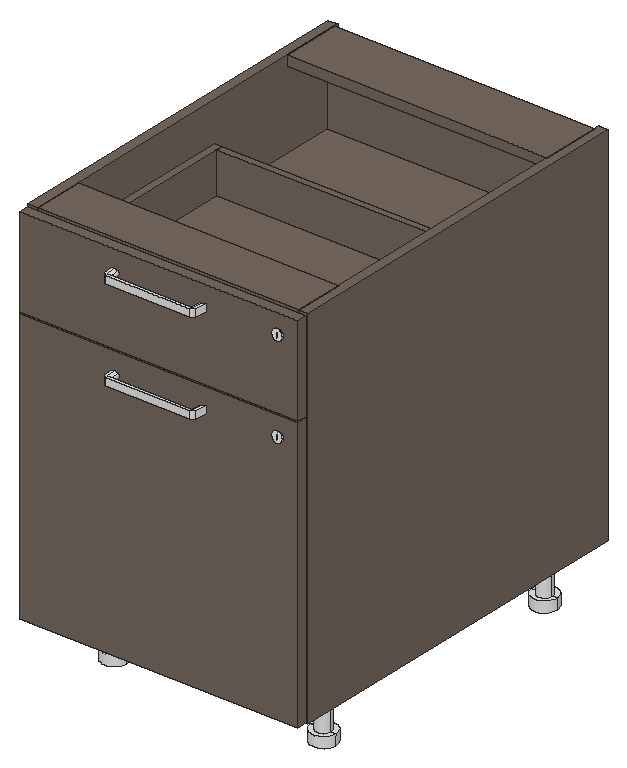
Revit family "Base_Cabinets-Teknion-CEBDS_Base_Cabinet_Door(s)_And_Drawer(s)-R2022", category Furniture, Revit 2023 (continued)
Lines and regions (in)
  symbolic lines, style "FurnitureHiddenLines", visible <- "Standard Drawer", detail levels medium+fine
    curve 30: line (11.67717, -28.16142, 0) -> (11.67717, -24.38189, 0)
    curve 31: line (11.24016, -24.38189, 0) -> (11.24016, -23.16142, 0)
    curve 36: line (30.32283, -28.16142, 0) -> (30.32283, -24.38189, 0)
    curve 37: line (30.75984, -23.05142, 0) -> (30.75984, -24.38189, 0)
  symbolic lines, style "FurnitureHiddenLines", visible <- "Standard Drawer - Center", detail levels medium+fine
    curve 32: line (19.82283, -24.38189, 0) -> (19.82283, -28.16142, 0)
    curve 33: line (20.25984, -28.05142, 0) -> (20.25984, -24.38189, 0)
    curve 34: line (21.74016, -24.38189, 0) -> (21.74016, -28.16142, 0)
    curve 35: line (22.17717, -28.16142, 0) -> (22.17717, -24.38189, 0)
  symbolic lines, style "FurnitureHiddenLines", visible <- "One Drawer", detail levels medium+fine
    curve 49: line (11.72, -28.16142, 0) -> (11.72, -24.38189, 0)
    curve 50: line (12.24, -28.29921, 0) -> (12.24, -24.38189, 0)
    curve 51: line (29.76, -27.77921, 0) -> (12.24, -27.77921, 0)
    curve 52: line (29.76, -24.38189, 0) -> (29.76, -28.29921, 0)
    curve 53: line (30.28, -24.38189, 0) -> (30.28, -28.16142, 0)
  symbolic lines, style "FurnitureHiddenLines", visible <- "2D - Two Doors", detail levels medium+fine
    curve 54: line (20.94094, -29, 0) -> (20.94094, -28.29921, 0)
    curve 55: line (21.05906, -28.29921, 0) -> (21.05906, -29, 0)
  symbolic lines, style "FurnitureHiddenLines", detail levels fine
    curve 56: arc (14.08287, -2.59843, 0) -> (13.14567, -1.66122, 0) -> (12.20846, -2.59843, 0) r 0.9372
    curve 57: arc (12.20846, -2.59843, 0) -> (13.14567, -3.53563, 0) -> (14.08287, -2.59843, 0) r 0.9372
    curve 58: arc (13.69685, -2.59843, 0) -> (13.14567, -2.04724, 0) -> (12.59449, -2.59843, 0) r 0.55118
    curve 59: arc (12.59449, -2.59843, 0) -> (13.14567, -3.14961, 0) -> (13.69685, -2.59843, 0) r 0.55118
    curve 60: arc (29.79154, -2.59843, 0) -> (28.85433, -1.66122, 0) -> (27.91713, -2.59843, 0) r 0.9372
    curve 61: arc (27.91713, -2.59843, 0) -> (28.85433, -3.53563, 0) -> (29.79154, -2.59843, 0) r 0.9372
    curve 62: arc (29.40551, -2.59843, 0) -> (28.85433, -2.04724, 0) -> (28.30315, -2.59843, 0) r 0.55118
    curve 63: arc (28.30315, -2.59843, 0) -> (28.85433, -3.14961, 0) -> (29.40551, -2.59843, 0) r 0.55118
    curve 64: arc (29.79154, -23.35433, 0) -> (28.85433, -22.41713, 0) -> (27.91713, -23.35433, 0) r 0.9372
    curve 65: arc (27.91713, -23.35433, 0) -> (28.85433, -24.29154, 0) -> (29.79154, -23.35433, 0) r 0.9372
    curve 66: arc (29.40551, -23.35433, 0) -> (28.85433, -22.80315, 0) -> (28.30315, -23.35433, 0) r 0.55118
    curve 67: arc (28.30315, -23.35433, 0) -> (28.85433, -23.90551, 0) -> (29.40551, -23.35433, 0) r 0.55118
    curve 68: arc (14.08287, -23.35433, 0) -> (13.14567, -22.41713, 0) -> (12.20846, -23.35433, 0) r 0.9372
    curve 69: arc (13.69685, -23.35433, 0) -> (13.14567, -22.80315, 0) -> (12.59449, -23.35433, 0) r 0.55118
    curve 70: arc (12.59449, -23.35433, 0) -> (13.14567, -23.90551, 0) -> (13.69685, -23.35433, 0) r 0.55118
    curve 71: arc (12.20846, -23.35433, 0) -> (13.14567, -24.29154, 0) -> (14.08287, -23.35433, 0) r 0.9372
  symbolic lines, visible <- "2D - Two Drawers - 29D"
    curve 82: line (11.72, -12.944, 0) -> (11.72, -12.157, 0)
    curve 83: line (11.72, -12.157, 0) -> (19.78, -12.157, 0)
    curve 84: line (19.78, -12.157, 0) -> (19.78, -12.944, 0)
    curve 85: line (12.24, -12.157, 0) -> (12.24, -12.944, 0)
    curve 86: line (19.26, -12.157, 0) -> (19.26, -12.944, 0)
    curve 87: line (12.24, -12.677, 0) -> (19.26, -12.677, 0)
    curve 88: line (22.22, -12.944, 0) -> (22.22, -12.157, 0)
    curve 89: line (22.22, -12.157, 0) -> (30.28, -12.157, 0)
    curve 90: line (30.28, -12.157, 0) -> (30.28, -12.944, 0)
    curve 91: line (29.76, -12.157, 0) -> (29.76, -12.944, 0)
    curve 92: line (22.74, -12.157, 0) -> (22.74, -12.944, 0)
    curve 93: line (22.74, -12.677, 0) -> (29.76, -12.677, 0)
  symbolic lines, style "FurnitureHiddenLines", visible <- "2D - Two Drawers - 24D", detail levels medium+fine
    curve 94: line (30.28, -12.944, 0) -> (30.28, -12.157, 0)
    curve 95: line (30.28, -12.157, 0) -> (22.22, -12.157, 0)
    curve 96: line (22.22, -12.157, 0) -> (22.22, -12.944, 0)
    curve 97: line (29.76, -12.157, 0) -> (29.76, -12.944, 0)
    curve 98: line (22.74, -12.157, 0) -> (22.74, -12.944, 0)
    curve 99: line (29.76, -12.677, 0) -> (22.74, -12.677, 0)
    curve 100: line (11.72, -12.944, 0) -> (11.72, -12.157, 0)
    curve 101: line (11.72, -12.157, 0) -> (19.78, -12.157, 0)
    curve 102: line (19.78, -12.157, 0) -> (19.78, -12.944, 0)
    curve 103: line (12.24, -12.157, 0) -> (12.24, -12.944, 0)
    curve 104: line (19.26, -12.157, 0) -> (19.26, -12.944, 0)
    curve 105: line (12.24, -12.677, 0) -> (19.26, -12.677, 0)
  symbolic lines, visible <- "One Drawer"
    curve 106: line (11.72, -12.944, 0) -> (11.72, -24.38189, 0)
    curve 107: line (12.24, -24.38189, 0) -> (12.24, -12.944, 0)
    curve 108: line (29.76, -12.944, 0) -> (29.76, -24.38189, 0)
    curve 109: line (30.28, -24.38189, 0) -> (30.28, -12.944, 0)
  symbolic lines, visible <- "2D - One Drawer - 29D"
    curve 110: line (11.72, -12.944, 0) -> (11.72, -12.157, 0)
    curve 111: line (11.72, -12.157, 0) -> (30.28, -12.157, 0)
    curve 112: line (30.28, -12.157, 0) -> (30.28, -12.944, 0)
    curve 113: line (12.24, -12.157, 0) -> (12.24, -12.944, 0)
    curve 114: line (29.76, -12.157, 0) -> (29.76, -12.944, 0)
    curve 115: line (12.24, -12.677, 0) -> (29.76, -12.677, 0)
  symbolic lines, style "FurnitureHiddenLines", visible <- "2D - One Drawer - 24D", detail levels medium+fine
    curve 116: line (11.72, -12.944, 0) -> (11.72, -12.157, 0)
    curve 117: line (11.72, -12.157, 0) -> (30.28, -12.157, 0)
    curve 118: line (30.28, -12.157, 0) -> (30.28, -12.944, 0)
    curve 119: line (12.24, -12.157, 0) -> (12.24, -12.944, 0)
    curve 120: line (29.76, -12.157, 0) -> (29.76, -12.944, 0)
    curve 121: line (12.24, -12.677, 0) -> (29.76, -12.677, 0)
  symbolic lines, style "FurnitureHiddenLines", visible <- "Lock - 1 Door - R", detail levels fine
    curve 122: line (12.02559, -29.05906, 0) -> (12.02559, -29, 0)
    curve 123: line (12.12402, -29, 0) -> (12.12402, -29.05906, 0)
  symbolic lines, style "FurnitureHiddenLines", visible <- "MR - Lock - 2 Doors / 2 Drawers", detail levels fine
    curve 124: line (19.37598, -29.05906, 0) -> (19.37598, -29, 0)
    curve 125: line (19.47441, -29, 0) -> (19.47441, -29.05906, 0)
  symbolic lines, style "FurnitureHiddenLines", visible <- "Lock - 1 Door - L", detail levels fine
    curve 126: line (29.87598, -29.05906, 0) -> (29.87598, -29, 0)
    curve 127: line (29.97441, -29, 0) -> (29.97441, -29.05906, 0)
  symbolic lines, style "FurnitureHiddenLines", visible <- "Lock - 1 Drawer", detail levels fine
    curve 128: line (29.87598, -29.05906, 0) -> (29.87598, -29, 0)
    curve 129: line (29.97441, -29, 0) -> (29.97441, -29.05906, 0)
  symbolic lines, style "FurnitureHiddenLines", visible <- "Undermount", detail levels medium+fine
    curve 130: line (13.39764, -28.16142, 0) -> (13.39764, -11.68504, 0)
    curve 131: line (11.89764, -11.68504, 0) -> (13.39764, -11.68504, 0)
    curve 132: line (28.60236, -11.68504, 0) -> (30.10236, -11.68504, 0)
    curve 133: line (28.60236, -11.68504, 0) -> (28.60236, -28.16142, 0)
    curve 134: line (30.10236, -28.16142, 0) -> (30.10236, -11.68504, 0)
    curve 135: line (11.89764, -11.68504, 0) -> (11.89764, -28.16142, 0)
Dimensions and locks (in)
  "Width": plane 4 "Left" to plane 5 "Right"
  "Depth": plane 6 "Back" to plane 7 "Front"
  "Actual Height": plane 8 "Top" to level
  equal spacing: plane 6 "Back", plane 1 "Center Front/Back", plane 7 "Front"
  equal spacing: plane 4 "Left", plane 3 "Center Left/Right", plane 5 "Right"
  "Dim 5": plane 10 to plane 3 "Center Left/Right"
  "Dim 5": plane 3 "Center Left/Right" to plane 9
  locked: plane 11 to plane 2 at 4.13386
  locked: plane 4 "Left" to Sweep 1 sketch curve at 0.70079
  locked: plane 7 "Front" to Sweep 1 sketch curve at 0.83858
  locked: Sweep 2 sketch curve to plane 5 "Right" at 0.70079
  locked: plane 7 "Front" to Sweep 2 sketch curve at 0.83858
  locked: plane 4 "Left" to Sweep 3 sketch curve at 0.70079
  locked: Sweep 3 sketch curve to plane 5 "Right" at 0.70079
  Sweep 3 sketch curve to Sweep 3 sketch curve to plane 6 "Back" = 4.48031" locked, 0.31496" locked
  plane 7 "Front" to Sweep 3 sketch curve to Sweep 3 sketch curve = 0.83858" locked, 3.77953" locked
  locked: plane 8 "Top" to Sweep 3 sketch curve at 0.70079  (x2)
  locked: Sweep 4 sketch curve to plane 5 "Right" at 0.70079
  locked: plane 4 "Left" to Sweep 4 sketch curve at 0.70079
  Sweep 4 sketch curve to Sweep 4 sketch curve to plane 6 "Back" = 0.70079" locked, 0.31496" locked
  locked: plane 8 "Top" to Sweep 4 sketch curve at 0.70079
  locked: plane 7 "Front" to Sweep 5 sketch curve at 0.70079
  locked: Sweep 5 sketch curve to plane 11 at 0.11811
  locked: Sweep 5 sketch curve to plane 4 "Left" at 0.05906
  locked: Sweep 5 sketch curve to plane 5 "Right" at 0.05906
  "Dim 2": plane 8 "Top" to Sweep 5 sketch curve
  Sweep 6 sketch curve to Sweep 6 sketch curve to plane 2 = 0.531" locked, 22.91733" locked
  Sweep 6 sketch curve to Sweep 6 sketch curve to Sweep 6 sketch curve to Sweep 6 sketch curve to Sweep 6 sketch curve to plane 10 to Sweep 6 sketch curve to Sweep 6 sketch curve to Sweep 6 sketch curve to Sweep 6 sketch curve to Sweep 6 sketch curve = 0.09873" locked, 0.03907" locked, 0.12564" locked, 0.08343" locked, 3.14821" locked, 3.14821" locked, 0.08343" locked, 0.12564" locked, 0.03907" locked, 0.09873" locked
  plane 7 "Front" to Sweep 6 sketch curve to Sweep 6 sketch curve = 0.7874" locked, 0.23622" locked  (x2)
  Sweep 6 sketch curve to Sweep 6 sketch curve to Sweep 6 sketch curve to Sweep 6 sketch curve to Sweep 6 sketch curve to plane 9 to Sweep 6 sketch curve to Sweep 6 sketch curve to Sweep 6 sketch curve to Sweep 6 sketch curve to Sweep 6 sketch curve = 0.09873" locked, 0.03907" locked, 0.12564" locked, 0.08343" locked, 3.14821" locked, 3.14821" locked, 0.08343" locked, 0.12564" locked, 0.03907" locked, 0.09873" locked
  Sweep 7 sketch curve to Sweep 7 sketch curve to plane 2 = 12.43701" locked, 22.56299" locked
  Sweep 7 sketch curve to plane 10 to Sweep 7 sketch curve = 3.55845" locked, 3.55845" locked
  Sweep 7 sketch curve to plane 9 to Sweep 7 sketch curve = 3.55845" locked, 3.55845" locked
  Sweep 7 sketch curve to Sweep 7 sketch curve to plane 7 "Front" to Sweep 7 sketch curve = 0.500" locked, 0.7874" locked, 0.59375" locked
  plane 10 to Sweep 8 sketch curve to Sweep 8 sketch curve = 3.17469" locked, 0.25392" locked
  Sweep 8 sketch curve to plane 7 "Front" to Sweep 8 sketch curve = 0.44698" locked, 1.14439" locked
  plane 9 to Sweep 9 sketch curve to Sweep 9 sketch curve = 3.17469" locked, 0.25392" locked
  Sweep 9 sketch curve to plane 7 "Front" to Sweep 9 sketch curve = 0.44698" locked, 1.14439" locked
  plane 9 to Sweep 10 sketch curve to Sweep 10 sketch curve = 3.17469" locked, 0.25392" locked
  Sweep 10 sketch curve to plane 7 "Front" to Sweep 10 sketch curve = 1.14439" locked, 0.44698" locked
  plane 10 to Sweep 11 sketch curve to Sweep 11 sketch curve = 3.17469" locked, 0.25392" locked
  Sweep 11 sketch curve to plane 7 "Front" to Sweep 11 sketch curve = 1.14439" locked, 0.44698" locked
  locked: Sweep 4 sketch curve to plane 11 at 1.01575
  locked: Sweep 12 sketch curve to plane 11 at 1.01575
  locked: plane 4 "Left" to Sweep 12 sketch curve at 0.70079
  locked: Sweep 12 sketch curve to plane 5 "Right" at 0.70079
  locked: plane 6 "Back" to Sweep 12 sketch curve at 0.31496
  locked: plane 7 "Front" to Sweep 12 sketch curve at 0.83858
  locked: Sweep 13 sketch curve to plane 7 "Front" at 0.05906
  plane 3 "Center Left/Right" to Sweep 13 sketch curve to Sweep 13 sketch curve to Sweep 13 sketch curve = 1.52559" locked, 0.04921" locked, 0.04921" locked
  Sweep 13 sketch curve to Sweep 13 sketch curve to Sweep 13 sketch curve = 0.18701" locked, 0.18701" locked
  Sweep 14 sketch curve to Sweep 14 sketch curve to plane 2 = 0.531" locked, 25.35483" locked
  Sweep 14 sketch curve to Sweep 14 sketch curve to Sweep 14 sketch curve to Sweep 14 sketch curve to plane 9 to Sweep 14 sketch curve to Sweep 14 sketch curve to Sweep 14 sketch curve to Sweep 14 sketch curve = 0.1378" locked, 0.12564" locked, 0.08343" locked, 3.14821" locked, 3.14821" locked, 0.08343" locked, 0.12564" locked, 0.1378" locked
  Sweep 14 sketch curve to Sweep 14 sketch curve to Sweep 14 sketch curve to Sweep 14 sketch curve to Sweep 14 sketch curve to Sweep 14 sketch curve to plane 7 "Front" = 0.21953" locked, 0.000" locked, 0.01669" locked, 0.01378" locked, 0.000" locked, 0.77362" locked  (x2)
  Sweep 14 sketch curve to Sweep 14 sketch curve to Sweep 14 sketch curve to Sweep 14 sketch curve to plane 10 to Sweep 14 sketch curve to Sweep 14 sketch curve to Sweep 14 sketch curve to Sweep 14 sketch curve = 0.1378" locked, 0.12564" locked, 0.08343" locked, 3.14821" locked, 3.14821" locked, 0.08343" locked, 0.12564" locked, 0.1378" locked
  plane 10 to Sweep 15 sketch curve to Sweep 15 sketch curve = 3.17469" locked, 0.25392" locked
  Sweep 15 sketch curve to plane 7 "Front" to Sweep 15 sketch curve = 1.14439" locked, 0.44698" locked
  Sweep 15 sketch curve to Sweep 15 sketch curve to Sweep 15 sketch curve to Sweep 15 sketch curve to Sweep 15 sketch curve to plane 10 = 0.03625" locked, 0.001" locked, 0.23103" locked, 0.000" locked, 3.03336" locked
  Sweep 15 sketch curve to Sweep 15 sketch curve to Sweep 15 sketch curve to Sweep 15 sketch curve to Sweep 15 sketch curve to plane 2 = 0.11466" locked, 0.15109" locked, 0.15109" locked, 0.11416" locked, 25.35483" locked
  Sweep 11 sketch curve to Sweep 11 sketch curve to Sweep 11 sketch curve to Sweep 11 sketch curve to Sweep 11 sketch curve to plane 10 = 0.03625" locked, 0.001" locked, 0.23103" locked, 0.000" locked, 3.03336" locked
  Sweep 11 sketch curve to Sweep 11 sketch curve to Sweep 11 sketch curve to Sweep 11 sketch curve to Sweep 11 sketch curve to plane 2 = 0.11466" locked, 0.15109" locked, 0.15109" locked, 0.11416" locked, 22.91733" locked
  plane 10 to Sweep 8 sketch curve to Sweep 8 sketch curve to Sweep 8 sketch curve to Sweep 8 sketch curve to Sweep 8 sketch curve = 3.02997" locked, 0.000" locked, 0.23395" locked, 0.000" locked, 0.03773" locked
  Sweep 8 sketch curve to Sweep 8 sketch curve to Sweep 8 sketch curve to Sweep 8 sketch curve to Sweep 8 sketch curve to plane 2 = 0.11416" locked, 0.15134" locked, 0.15134" locked, 0.11416" locked, 22.91733" locked
  Sweep 16 sketch curve to Sweep 16 sketch curve to plane 10 = 0.25392" locked, 3.17469" locked
  Sweep 16 sketch curve to plane 7 "Front" to Sweep 16 sketch curve = 1.14439" locked, 0.44698" locked
  Sweep 16 sketch curve to Sweep 16 sketch curve to Sweep 16 sketch curve to Sweep 16 sketch curve to Sweep 16 sketch curve to plane 10 = 0.03773" locked, 0.000" locked, 0.23395" locked, 0.000" locked, 3.02997" locked
  Sweep 16 sketch curve to Sweep 16 sketch curve to Sweep 16 sketch curve to Sweep 16 sketch curve to Sweep 16 sketch curve to plane 2 = 0.11416" locked, 0.15134" locked, 0.15134" locked, 0.11416" locked, 25.35483" locked
  Sweep 17 sketch curve to Sweep 17 sketch curve to plane 9 = 0.25392" locked, 3.17469" locked
  Sweep 17 sketch curve to plane 7 "Front" to Sweep 17 sketch curve = 1.14439" locked, 0.44698" locked
  Sweep 17 sketch curve to Sweep 17 sketch curve to Sweep 17 sketch curve to Sweep 17 sketch curve to Sweep 17 sketch curve to plane 2 = 0.11466" locked, 0.15109" locked, 0.15109" locked, 0.11416" locked, 25.35483" locked
  Sweep 17 sketch curve to Sweep 17 sketch curve to Sweep 17 sketch curve to Sweep 17 sketch curve to Sweep 17 sketch curve to plane 9 = 0.03671" locked, 0.00102" locked, 0.23395" locked, 0.000" locked, 3.02997" locked
  Sweep 10 sketch curve to Sweep 10 sketch curve to Sweep 10 sketch curve to Sweep 10 sketch curve to Sweep 10 sketch curve to plane 9 = 0.03671" locked, 0.00102" locked, 0.23395" locked, 0.000" locked, 3.02997" locked
  Sweep 10 sketch curve to Sweep 10 sketch curve to Sweep 10 sketch curve to Sweep 10 sketch curve to Sweep 10 sketch curve to plane 2 = 0.11466" locked, 0.15109" locked, 0.15109" locked, 0.11416" locked, 22.91733" locked
  plane 9 to Sweep 9 sketch curve to Sweep 9 sketch curve to Sweep 9 sketch curve to Sweep 9 sketch curve to Sweep 9 sketch curve = 3.02997" locked, 0.000" locked, 0.23395" locked, 0.000" locked, 0.03773" locked
  Sweep 9 sketch curve to Sweep 9 sketch curve to Sweep 9 sketch curve to Sweep 9 sketch curve to Sweep 9 sketch curve to plane 2 = 0.11416" locked, 0.15134" locked, 0.15134" locked, 0.11416" locked, 22.91733" locked
  plane 9 to Sweep 18 sketch curve to Sweep 18 sketch curve = 3.17469" locked, 0.25392" locked
  Sweep 18 sketch curve to plane 7 "Front" to Sweep 18 sketch curve = 1.14439" locked, 0.44698" locked
  Sweep 18 sketch curve to Sweep 18 sketch curve to Sweep 18 sketch curve to Sweep 18 sketch curve to Sweep 18 sketch curve to plane 9 = 0.03773" locked, 0.000" locked, 0.23395" locked, 0.000" locked, 3.02997" locked
  Sweep 18 sketch curve to Sweep 18 sketch curve to Sweep 18 sketch curve to Sweep 18 sketch curve to Sweep 18 sketch curve to plane 2 = 0.11416" locked, 0.15134" locked, 0.15134" locked, 0.11416" locked, 25.35483" locked
  locked: plane 13 "Foot 1" to plane 7 "Front" at 5.64567
  locked: plane 6 "Back" to plane 12 "Foot 2" at 2.59843
  Revolve 22 sketch curve to Revolve 22 sketch curve to Revolve 22 sketch curve to Revolve 22 sketch curve to plane 4 "Left" = 0.55118" locked, 0.38602" locked, 0.00571" locked, 1.70276" locked
  locked: plane 11 to Revolve 22 sketch curve at 1.02362
  locked: Revolve 22 sketch curve to plane 2 at 0.7874
  locked: plane 4 "Left" to Revolve 22 sketch curve at 2.64567
  locked: Revolve 19 sketch curve to plane 2 at 0.7874
  locked: plane 11 to Revolve 19 sketch curve at 1.02362
  Revolve 19 sketch curve to Revolve 19 sketch curve to Revolve 19 sketch curve to Revolve 19 sketch curve to plane 4 "Left" = 0.55118" locked, 0.38602" locked, 0.00571" locked, 1.70276" locked
  locked: plane 4 "Left" to Revolve 19 sketch curve at 2.64567
  plane 5 "Right" to Revolve 20 sketch curve to Revolve 20 sketch curve to Revolve 20 sketch curve to Revolve 20 sketch curve = 2.64567" locked, 0.55118" locked, 0.38602" locked, 0.00571" locked
  locked: plane 11 to Revolve 20 sketch curve at 1.02362
  locked: Revolve 20 sketch curve to plane 2 at 0.7874
  locked: Revolve 20 sketch curve to plane 5 "Right" at 2.64567
  Revolve 21 sketch curve to Revolve 21 sketch curve to Revolve 21 sketch curve to Revolve 21 sketch curve to plane 5 "Right" = 0.00571" locked, 0.38602" locked, 0.55118" locked, 2.64567" locked
  locked: Revolve 21 sketch curve to plane 2 at 0.7874
  locked: plane 11 to Revolve 21 sketch curve at 1.02362
  locked: Revolve 21 sketch curve to plane 5 "Right" at 2.64567
  locked: plane 7 "Front" to Sweep 23 sketch curve at 0.70079
  "Dim 1": Sweep 23 sketch curve to Sweep 23 sketch curve
  locked: plane 8 "Top" to Sweep 23 sketch curve at 0.11811
  locked: Sweep 23 sketch curve to plane 4 "Left" at 0.05906
  locked: Sweep 23 sketch curve to plane 5 "Right" at 0.05906
  locked: plane 4 "Left" to Sweep 24 sketch curve at 0.70079
  locked: Sweep 24 sketch curve to plane 5 "Right" at 0.70079
  locked: Sweep 24 sketch curve to Sweep 24 sketch curve at 0.70079
  "Dim 3": plane 8 "Top" to Sweep 24 sketch curve
  "Dim 4": plane 8 "Top" to Sweep 13 sketch curve
  locked: Sweep 24 sketch curve to plane 6 "Back" at 1.01575
  locked: plane 7 "Front" to Sweep 24 sketch curve at 0.83858
  locked: plane 7 "Front" to Sweep 25 sketch curve at 0.83858
  locked: plane 6 "Back" to Sweep 25 sketch curve at 1.01575
  "Dim 14": Sweep 25 sketch curve to Sweep 25 sketch curve
  Sweep 25 sketch curve to plane 3 "Center Left/Right" to Sweep 25 sketch curve = 0.70079" locked, 0.70079" locked
  locked: Sweep 24 sketch curve to plane 6 "Back" at 22.96457
  Sweep 24 sketch curve to Sweep 24 sketch curve to plane 2 = 0.70079" locked, 18.13386" locked
  Sweep 26 sketch curve to Sweep 26 sketch curve to plane 7 "Front" = 16.47638" locked, 0.83858" locked
  Sweep 26 sketch curve to Sweep 26 sketch curve to plane 4 "Left" = 1.500" locked, 1.39764" locked
  Sweep 26 sketch curve to Sweep 26 sketch curve to plane 5 "Right" = 1.500" locked, 1.39764" locked
  locked: Sweep 26 sketch curve to Sweep 26 sketch curve at 0.43307
  Sweep 27 sketch curve to Sweep 27 sketch curve to plane 7 "Front" = 16.47638" locked, 0.83858" locked
  Sweep 27 sketch curve to Sweep 27 sketch curve to plane 3 "Center Left/Right" to Sweep 27 sketch curve to Sweep 27 sketch curve = 1.500" locked, 1.40157" locked, 1.40157" locked, 1.500" locked
  locked: Sweep 27 sketch curve to Sweep 27 sketch curve at 0.43307
  "Dim 6": plane 7 "Front" to plane 14
  "Dim 11": Sweep 28 sketch curve to Sweep 28 sketch curve
  "Dim 13": Sweep 28 sketch curve to plane 14
  "Dim 8": Sweep 29 sketch curve to Sweep 29 sketch curve
  "Dim 13": Sweep 29 sketch curve to plane 14
  "Dim 13": Sweep 29 sketch curve to Sweep 29 sketch curve
  "Dim 7": plane 8 "Top" to plane 15
  "Dim 10": Sweep 29 sketch curve to plane 15
  "Dim 10": Sweep 30 sketch curve to plane 15
  "Dim 8": Sweep 30 sketch curve to Sweep 30 sketch curve
  locked: plane 7 "Front" to Sweep 30 sketch curve at 0.70079
  "Dim 13": Sweep 30 sketch curve to Sweep 30 sketch curve  (x2)
  "Dim 12": plane 4 "Left" to Sweep 29 sketch curve
  "Dim 12": Sweep 29 sketch curve to plane 5 "Right"
  "Dim 12": Sweep 28 sketch curve to plane 5 "Right"
  "Dim 12": plane 4 "Left" to Sweep 28 sketch curve
  "Dim 10": Sweep 31 sketch curve to plane 15
  "Dim 11": Sweep 31 sketch curve to Sweep 31 sketch curve
  "Dim 12": plane 4 "Left" to Sweep 31 sketch curve
  "Dim 12": Sweep 31 sketch curve to plane 5 "Right"
  "Dim 13": Sweep 31 sketch curve to plane 14
  locked: plane 7 "Front" to plane 16 at 0.70079
  "Dim 12": Sweep 31 sketch curve to plane 3 "Center Left/Right"
  "Dim 10": Sweep 32 sketch curve to plane 15
  "Dim 8": Sweep 32 sketch curve to Sweep 32 sketch curve
  locked: plane 7 "Front" to Sweep 32 sketch curve at 0.70079
  "Dim 13": Sweep 32 sketch curve to Sweep 32 sketch curve  (x4)
  "Dim 10": Sweep 33 sketch curve to plane 15
  "Dim 8": Sweep 33 sketch curve to Sweep 33 sketch curve
  "Dim 12": plane 4 "Left" to Sweep 33 sketch curve
  "Dim 12": Sweep 33 sketch curve to plane 5 "Right"
  "Dim 13": Sweep 33 sketch curve to plane 14
  "Dim 13": Sweep 33 sketch curve to Sweep 33 sketch curve
  locked: Sweep 34 sketch curve to plane 7 "Front" at 1.5
  "Cut-Out - Front 1": Sweep 34 sketch curve to Sweep 34 sketch curve
  locked: plane 15 to Sweep 34 sketch curve at 0.06347
  Sweep 34 sketch curve to plane 3 "Center Left/Right" to Sweep 34 sketch curve = 0.05906" locked, 0.05906" locked
  locked: Sweep 35 sketch curve to plane 7 "Front" at 1.5
  "Cut-Out - Front 2": Sweep 35 sketch curve to Sweep 35 sketch curve
  locked: plane 15 to Sweep 35 sketch curve at 0.06347
  Sweep 35 sketch curve to plane 3 "Center Left/Right" to Sweep 35 sketch curve = 0.05906" locked, 0.05906" locked
  Sweep 36 sketch curve to Sweep 36 sketch curve to plane 2 = 0.531" locked, 33.04183" locked
  Sweep 36 sketch curve to Sweep 36 sketch curve to Sweep 36 sketch curve to Sweep 36 sketch curve to Sweep 36 sketch curve to plane 10 to Sweep 36 sketch curve to Sweep 36 sketch curve to Sweep 36 sketch curve to Sweep 36 sketch curve to Sweep 36 sketch curve = 0.09873" locked, 0.03907" locked, 0.12564" locked, 0.08343" locked, 3.14821" locked, 3.14821" locked, 0.08343" locked, 0.12564" locked, 0.03907" locked, 0.09873" locked
  plane 7 "Front" to Sweep 36 sketch curve to Sweep 36 sketch curve = 0.7874" locked, 0.23622" locked  (x2)
  Sweep 36 sketch curve to Sweep 36 sketch curve to Sweep 36 sketch curve to Sweep 36 sketch curve to Sweep 36 sketch curve to plane 9 to Sweep 36 sketch curve to Sweep 36 sketch curve to Sweep 36 sketch curve to Sweep 36 sketch curve to Sweep 36 sketch curve = 0.09873" locked, 0.03907" locked, 0.12564" locked, 0.08343" locked, 3.14821" locked, 3.14821" locked, 0.08343" locked, 0.12564" locked, 0.03907" locked, 0.09873" locked
  Sweep 37 sketch curve to Sweep 37 sketch curve to plane 2 = 0.531" locked, 29.79597" locked
  Sweep 37 sketch curve to Sweep 37 sketch curve to Sweep 37 sketch curve to Sweep 37 sketch curve to Sweep 37 sketch curve to plane 10 to Sweep 37 sketch curve to Sweep 37 sketch curve to Sweep 37 sketch curve to Sweep 37 sketch curve to Sweep 37 sketch curve = 0.09873" locked, 0.03907" locked, 0.12564" locked, 0.08343" locked, 3.14821" locked, 3.14821" locked, 0.08343" locked, 0.12564" locked, 0.03907" locked, 0.09873" locked
  plane 7 "Front" to Sweep 37 sketch curve to Sweep 37 sketch curve = 0.7874" locked, 0.23622" locked  (x2)
  Sweep 37 sketch curve to Sweep 37 sketch curve to Sweep 37 sketch curve to Sweep 37 sketch curve to Sweep 37 sketch curve to plane 9 to Sweep 37 sketch curve to Sweep 37 sketch curve to Sweep 37 sketch curve to Sweep 37 sketch curve to Sweep 37 sketch curve = 0.09873" locked, 0.03907" locked, 0.12564" locked, 0.08343" locked, 3.14821" locked, 3.14821" locked, 0.08343" locked, 0.12564" locked, 0.03907" locked, 0.09873" locked
  Sweep 38 sketch curve to Sweep 38 sketch curve to plane 2 = 0.531" locked, 22.91733" locked
  Sweep 38 sketch curve to Sweep 38 sketch curve to Sweep 38 sketch curve to Sweep 38 sketch curve to Sweep 38 sketch curve to plane 3 "Center Left/Right" to Sweep 38 sketch curve to Sweep 38 sketch curve to Sweep 38 sketch curve to Sweep 38 sketch curve to Sweep 38 sketch curve = 0.09873" locked, 0.03907" locked, 0.12564" locked, 0.08343" locked, 3.14821" locked, 3.14821" locked, 0.08343" locked, 0.12564" locked, 0.03907" locked, 0.09873" locked
  plane 7 "Front" to Sweep 38 sketch curve to Sweep 38 sketch curve = 0.7874" locked, 0.23622" locked
  plane 2 to Sweep 39 sketch curve to Sweep 39 sketch curve = 25.35483" locked, 0.531" locked
  Sweep 39 sketch curve to Sweep 39 sketch curve to Sweep 39 sketch curve to Sweep 39 sketch curve to Sweep 39 sketch curve to plane 3 "Center Left/Right" to Sweep 39 sketch curve to Sweep 39 sketch curve to Sweep 39 sketch curve to Sweep 39 sketch curve to Sweep 39 sketch curve = 0.09873" locked, 0.03907" locked, 0.12564" locked, 0.08343" locked, 3.14821" locked, 3.14821" locked, 0.08343" locked, 0.12564" locked, 0.03907" locked, 0.09873" locked
  plane 7 "Front" to Sweep 39 sketch curve to Sweep 39 sketch curve = 0.7874" locked, 0.23622" locked
  Sweep 40 sketch curve to Sweep 40 sketch curve to plane 2 = 0.531" locked, 33.04183" locked
  Sweep 40 sketch curve to Sweep 40 sketch curve to Sweep 40 sketch curve to Sweep 40 sketch curve to Sweep 40 sketch curve to plane 3 "Center Left/Right" to Sweep 40 sketch curve to Sweep 40 sketch curve to Sweep 40 sketch curve to Sweep 40 sketch curve to Sweep 40 sketch curve = 0.09873" locked, 0.03907" locked, 0.12564" locked, 0.08343" locked, 3.14821" locked, 3.14821" locked, 0.08343" locked, 0.12564" locked, 0.03907" locked, 0.09873" locked
  plane 7 "Front" to Sweep 40 sketch curve to Sweep 40 sketch curve = 0.7874" locked, 0.23622" locked
  Sweep 41 sketch curve to Sweep 41 sketch curve to plane 2 = 0.531" locked, 29.79597" locked
  Sweep 41 sketch curve to Sweep 41 sketch curve to Sweep 41 sketch curve to Sweep 41 sketch curve to Sweep 41 sketch curve to plane 3 "Center Left/Right" to Sweep 41 sketch curve to Sweep 41 sketch curve to Sweep 41 sketch curve to Sweep 41 sketch curve to Sweep 41 sketch curve = 0.09873" locked, 0.03907" locked, 0.12564" locked, 0.08343" locked, 3.14821" locked, 3.14821" locked, 0.08343" locked, 0.12564" locked, 0.03907" locked, 0.09873" locked
  plane 7 "Front" to Sweep 41 sketch curve to Sweep 41 sketch curve = 0.7874" locked, 0.23622" locked
  Sweep 46 sketch curve to Sweep 46 sketch curve to Sweep 46 sketch curve to Sweep 46 sketch curve to Sweep 46 sketch curve to plane 10 = 0.03625" locked, 0.001" locked, 0.23103" locked, 0.000" locked, 3.03336" locked
  Sweep 46 sketch curve to Sweep 46 sketch curve to Sweep 46 sketch curve to Sweep 46 sketch curve to Sweep 46 sketch curve to plane 2 = 0.11466" locked, 0.15109" locked, 0.15109" locked, 0.11416" locked, 33.04183" locked
  plane 10 to Sweep 46 sketch curve to Sweep 46 sketch curve = 3.17469" locked, 0.25392" locked
  Sweep 46 sketch curve to plane 7 "Front" to Sweep 46 sketch curve = 1.14439" locked, 0.44698" locked
  Sweep 53 sketch curve to Sweep 53 sketch curve to Sweep 53 sketch curve to Sweep 53 sketch curve to Sweep 53 sketch curve to plane 10 = 0.03625" locked, 0.001" locked, 0.23103" locked, 0.000" locked, 3.03336" locked
  Sweep 53 sketch curve to Sweep 53 sketch curve to Sweep 53 sketch curve to Sweep 53 sketch curve to Sweep 53 sketch curve to plane 2 = 0.11466" locked, 0.15109" locked, 0.15109" locked, 0.11416" locked, 29.79597" locked
  Sweep 53 sketch curve to Sweep 53 sketch curve to plane 10 = 0.25392" locked, 3.17469" locked
  Sweep 53 sketch curve to plane 7 "Front" to Sweep 53 sketch curve = 1.14439" locked, 0.44698" locked
  Sweep 54 sketch curve to Sweep 54 sketch curve to plane 10 = 0.25392" locked, 3.17469" locked
  Sweep 54 sketch curve to plane 7 "Front" to Sweep 54 sketch curve = 1.14439" locked, 0.44698" locked
  Sweep 54 sketch curve to Sweep 54 sketch curve to Sweep 54 sketch curve to Sweep 54 sketch curve to Sweep 54 sketch curve to plane 10 = 0.03625" locked, 0.001" locked, 0.23103" locked, 0.000" locked, 3.03336" locked
  Sweep 54 sketch curve to Sweep 54 sketch curve to Sweep 54 sketch curve to Sweep 54 sketch curve to Sweep 54 sketch curve to plane 2 = 0.11466" locked, 0.15109" locked, 0.15109" locked, 0.11416" locked, 33.04183" locked
  Sweep 48 sketch curve to Sweep 48 sketch curve to plane 9 = 0.25392" locked, 3.17469" locked
  Sweep 48 sketch curve to plane 7 "Front" to Sweep 48 sketch curve = 1.14439" locked, 0.44698" locked
  Sweep 48 sketch curve to Sweep 48 sketch curve to Sweep 48 sketch curve to Sweep 48 sketch curve to Sweep 48 sketch curve to plane 9 = 0.03625" locked, 0.001" locked, 0.23103" locked, 0.000" locked, 3.03336" locked
  Sweep 48 sketch curve to Sweep 48 sketch curve to Sweep 48 sketch curve to Sweep 48 sketch curve to Sweep 48 sketch curve to plane 2 = 0.11466" locked, 0.15109" locked, 0.15109" locked, 0.11416" locked, 29.79597" locked
  plane 9 to Sweep 56 sketch curve to Sweep 56 sketch curve to Sweep 56 sketch curve to Sweep 56 sketch curve to Sweep 56 sketch curve = 3.03336" locked, 0.000" locked, 0.23103" locked, 0.001" locked, 0.03625" locked
  Sweep 56 sketch curve to Sweep 56 sketch curve to Sweep 56 sketch curve to Sweep 56 sketch curve to Sweep 56 sketch curve to plane 2 = 0.11466" locked, 0.15109" locked, 0.15109" locked, 0.11416" locked, 29.79597" locked
  plane 9 to Sweep 56 sketch curve to Sweep 56 sketch curve = 3.17469" locked, 0.25392" locked
  Sweep 56 sketch curve to plane 7 "Front" to Sweep 56 sketch curve = 1.14439" locked, 0.44698" locked
  plane 9 to Sweep 55 sketch curve to Sweep 55 sketch curve = 3.17469" locked, 0.25392" locked
  plane 9 to Sweep 55 sketch curve to Sweep 55 sketch curve to Sweep 55 sketch curve to Sweep 55 sketch curve to Sweep 55 sketch curve = 3.03336" locked, 0.000" locked, 0.23103" locked, 0.001" locked, 0.03625" locked
  Sweep 55 sketch curve to Sweep 55 sketch curve to Sweep 55 sketch curve to Sweep 55 sketch curve to Sweep 55 sketch curve to plane 2 = 0.11466" locked, 0.15109" locked, 0.15109" locked, 0.11416" locked, 33.04183" locked
  Sweep 47 sketch curve to Sweep 47 sketch curve to Sweep 47 sketch curve to Sweep 47 sketch curve to Sweep 47 sketch curve to plane 9 = 0.03625" locked, 0.001" locked, 0.23103" locked, 0.000" locked, 3.03336" locked
  Sweep 47 sketch curve to Sweep 47 sketch curve to Sweep 47 sketch curve to Sweep 47 sketch curve to Sweep 47 sketch curve to plane 2 = 0.11466" locked, 0.15109" locked, 0.15109" locked, 0.11416" locked, 33.04183" locked
  Sweep 47 sketch curve to Sweep 47 sketch curve to plane 9 = 0.25392" locked, 3.17469" locked
  Sweep 47 sketch curve to plane 7 "Front" to Sweep 47 sketch curve = 1.14439" locked, 0.44698" locked
  plane 3 "Center Left/Right" to Sweep 44 sketch curve to Sweep 44 sketch curve = 3.17469" locked, 0.25392" locked
  Sweep 44 sketch curve to plane 7 "Front" to Sweep 44 sketch curve = 1.14439" locked, 0.44698" locked
  plane 3 "Center Left/Right" to Sweep 44 sketch curve to Sweep 44 sketch curve to Sweep 44 sketch curve to Sweep 44 sketch curve to Sweep 44 sketch curve = 3.03336" locked, 0.000" locked, 0.23103" locked, 0.001" locked, 0.03625" locked
  Sweep 44 sketch curve to Sweep 44 sketch curve to Sweep 44 sketch curve to Sweep 44 sketch curve to Sweep 44 sketch curve to plane 2 = 0.11466" locked, 0.15109" locked, 0.15109" locked, 0.11416" locked, 22.91733" locked
  plane 3 "Center Left/Right" to Sweep 52 sketch curve to Sweep 52 sketch curve to Sweep 52 sketch curve to Sweep 52 sketch curve to Sweep 52 sketch curve = 3.03336" locked, 0.000" locked, 0.23103" locked, 0.001" locked, 0.03625" locked
  Sweep 52 sketch curve to Sweep 52 sketch curve to Sweep 52 sketch curve to Sweep 52 sketch curve to Sweep 52 sketch curve to plane 2 = 0.11466" locked, 0.15109" locked, 0.15109" locked, 0.11416" locked, 22.91733" locked
  Sweep 52 sketch curve to Sweep 52 sketch curve to plane 3 "Center Left/Right" = 0.25392" locked, 3.17469" locked
  Sweep 52 sketch curve to plane 7 "Front" to Sweep 52 sketch curve = 1.14439" locked, 0.44698" locked
  Sweep 43 sketch curve to Sweep 43 sketch curve to Sweep 43 sketch curve to Sweep 43 sketch curve to Sweep 43 sketch curve to plane 3 "Center Left/Right" = 0.03625" locked, 0.001" locked, 0.23103" locked, 0.000" locked, 3.03336" locked
  Sweep 43 sketch curve to Sweep 43 sketch curve to Sweep 43 sketch curve to Sweep 43 sketch curve to Sweep 43 sketch curve to plane 2 = 0.11466" locked, 0.15109" locked, 0.15109" locked, 0.11416" locked, 25.35483" locked
  plane 3 "Center Left/Right" to Sweep 43 sketch curve to Sweep 43 sketch curve = 3.17469" locked, 0.25392" locked
  Sweep 43 sketch curve to plane 7 "Front" to Sweep 43 sketch curve = 1.14439" locked, 0.44698" locked
  Sweep 51 sketch curve to Sweep 51 sketch curve to Sweep 51 sketch curve to Sweep 51 sketch curve to Sweep 51 sketch curve to plane 2 = 0.11466" locked, 0.15109" locked, 0.15109" locked, 0.11416" locked, 25.35483" locked
  Sweep 51 sketch curve to Sweep 51 sketch curve to Sweep 51 sketch curve to Sweep 51 sketch curve to Sweep 51 sketch curve to plane 3 "Center Left/Right" = 0.03625" locked, 0.001" locked, 0.23103" locked, 0.000" locked, 3.03336" locked
  Sweep 51 sketch curve to Sweep 51 sketch curve to plane 3 "Center Left/Right" = 0.25392" locked, 3.17469" locked
  Sweep 51 sketch curve to plane 7 "Front" to Sweep 51 sketch curve = 1.14439" locked, 0.44698" locked
  Sweep 42 sketch curve to Sweep 42 sketch curve to Sweep 42 sketch curve to Sweep 42 sketch curve to Sweep 42 sketch curve to plane 3 "Center Left/Right" = 0.03625" locked, 0.001" locked, 0.23103" locked, 0.000" locked, 3.03336" locked
  Sweep 42 sketch curve to Sweep 42 sketch curve to Sweep 42 sketch curve to Sweep 42 sketch curve to Sweep 42 sketch curve to plane 2 = 0.11466" locked, 0.15109" locked, 0.15109" locked, 0.11416" locked, 29.79597" locked
  plane 3 "Center Left/Right" to Sweep 42 sketch curve to Sweep 42 sketch curve = 3.17469" locked, 0.25392" locked
  Sweep 42 sketch curve to plane 7 "Front" to Sweep 42 sketch curve = 1.14439" locked, 0.44698" locked
  Sweep 49 sketch curve to Sweep 49 sketch curve to Sweep 49 sketch curve to Sweep 49 sketch curve to Sweep 49 sketch curve to plane 3 "Center Left/Right" = 0.03625" locked, 0.001" locked, 0.23103" locked, 0.000" locked, 3.03336" locked
  Sweep 49 sketch curve to Sweep 49 sketch curve to Sweep 49 sketch curve to Sweep 49 sketch curve to Sweep 49 sketch curve to plane 2 = 0.11466" locked, 0.15109" locked, 0.15109" locked, 0.11416" locked, 29.79597" locked
  Sweep 49 sketch curve to Sweep 49 sketch curve to plane 3 "Center Left/Right" = 0.25392" locked, 3.17469" locked
  Sweep 49 sketch curve to plane 7 "Front" to Sweep 49 sketch curve = 1.14439" locked, 0.44698" locked
  Sweep 50 sketch curve to Sweep 50 sketch curve to Sweep 50 sketch curve to Sweep 50 sketch curve to Sweep 50 sketch curve to plane 3 "Center Left/Right" = 0.03625" locked, 0.001" locked, 0.23103" locked, 0.000" locked, 3.03336" locked
  Sweep 50 sketch curve to Sweep 50 sketch curve to Sweep 50 sketch curve to Sweep 50 sketch curve to Sweep 50 sketch curve to plane 2 = 0.11466" locked, 0.15109" locked, 0.15109" locked, 0.11416" locked, 33.04183" locked
  Sweep 50 sketch curve to Sweep 50 sketch curve to plane 3 "Center Left/Right" = 0.25392" locked, 3.17469" locked
  Sweep 50 sketch curve to plane 7 "Front" to Sweep 50 sketch curve = 1.14439" locked, 0.44698" locked
  plane 3 "Center Left/Right" to Sweep 45 sketch curve to Sweep 45 sketch curve = 3.17469" locked, 0.25392" locked
  Sweep 45 sketch curve to plane 7 "Front" to Sweep 45 sketch curve = 1.14439" locked, 0.44698" locked
  Sweep 45 sketch curve to Sweep 45 sketch curve to Sweep 45 sketch curve to Sweep 45 sketch curve to Sweep 45 sketch curve to plane 3 "Center Left/Right" = 0.03625" locked, 0.001" locked, 0.23103" locked, 0.000" locked, 3.03336" locked
  Sweep 45 sketch curve to Sweep 45 sketch curve to Sweep 45 sketch curve to Sweep 45 sketch curve to Sweep 45 sketch curve to plane 2 = 0.11466" locked, 0.15109" locked, 0.15109" locked, 0.11416" locked, 33.04183" locked
  plane 2 to Sweep 57 sketch curve to Sweep 57 sketch curve = 21.750" locked, 13.250" locked
  equal spacing: Sweep 57 sketch curve, plane 3 "Center Left/Right", Sweep 57 sketch curve
  Sweep 57 sketch curve to Sweep 57 sketch curve to plane 7 "Front" to Sweep 57 sketch curve = 0.51007" locked, 0.7874" locked, 0.63829" locked
  Sweep 58 sketch curve to Sweep 58 sketch curve to plane 7 "Front" = 15.66929" locked, 0.83858" locked
  Sweep 58 sketch curve to Sweep 58 sketch curve to plane 5 "Right" = 0.43701" locked, 0.74016" locked
  Sweep 58 sketch curve to Sweep 58 sketch curve to plane 4 "Left" = 0.43701" locked, 0.74016" locked
  locked: Sweep 58 sketch curve to Sweep 58 sketch curve at 1.5
  "Dim 9": plane 8 "Top" to Sweep 58 sketch curve
  Sweep 59 sketch curve to Sweep 59 sketch curve to plane 7 "Front" = 15.66929" locked, 0.83858" locked
  Sweep 59 sketch curve to Sweep 59 sketch curve to plane 3 "Center Left/Right" to Sweep 59 sketch curve to Sweep 59 sketch curve = 0.43701" locked, 0.74016" locked, 0.74016" locked, 0.43701" locked
  locked: Sweep 59 sketch curve to Sweep 59 sketch curve at 1.5
  "Dim 9": plane 8 "Top" to Sweep 59 sketch curve
  "Dim 10": Sweep 28 sketch curve to plane 15
  "Dim 12": plane 4 "Left" to Sweep 32 sketch curve
  "Dim 12": Sweep 32 sketch curve to plane 3 "Center Left/Right"
  "Dim 12": plane 3 "Center Left/Right" to Sweep 32 sketch curve
  "Dim 12": Sweep 32 sketch curve to plane 5 "Right"
  "Dim 12": Sweep 33 sketch curve to plane 3 "Center Left/Right"
  "Dim 12": plane 3 "Center Left/Right" to Sweep 33 sketch curve
  "Dim 12": Sweep 30 sketch curve to plane 5 "Right"
  "Dim 12": plane 4 "Left" to Sweep 30 sketch curve
  "Dim 12": plane 3 "Center Left/Right" to Sweep 31 sketch curve
  Sweep 33 sketch curve to plane 7 "Front" = 0.70079"
  plane 7 "Front" to Sweep 29 sketch curve = 0.70079"
  "Dim 13": Sweep 31 sketch curve to plane 16
  locked: plane 17 to plane 7 "Front" at 0.70079
  "Dim 13": Sweep 28 sketch curve to plane 17
  locked: Sweep 60 sketch curve to plane 7 "Front" at 0.05906
  Sweep 60 sketch curve to Sweep 60 sketch curve to Sweep 60 sketch curve to plane 5 "Right" = 0.04921" locked, 0.04921" locked, 1.52559" locked
  plane 8 "Top" to Sweep 60 sketch curve to Sweep 60 sketch curve to Sweep 60 sketch curve = 1.39173" locked, 0.18701" locked, 0.18701" locked
  locked: Sweep 61 sketch curve to plane 7 "Front" at 0.05906
  plane 3 "Center Left/Right" to Sweep 61 sketch curve to Sweep 61 sketch curve to Sweep 61 sketch curve = 1.52559" locked, 0.04921" locked, 0.04921" locked
  plane 8 "Top" to Sweep 61 sketch curve to Sweep 61 sketch curve to Sweep 61 sketch curve = 1.39173" locked, 0.18701" locked, 0.18701" locked
  locked: Sweep 62 sketch curve to plane 7 "Front" at 0.05906
  "Dim 4": plane 8 "Top" to Sweep 62 sketch curve
  Sweep 62 sketch curve to Sweep 62 sketch curve to Sweep 62 sketch curve = 0.18701" locked, 0.18701" locked
  Sweep 62 sketch curve to Sweep 62 sketch curve to Sweep 62 sketch curve to plane 4 "Left" = 0.04921" locked, 0.04921" locked, 1.52559" locked
  locked: Sweep 63 sketch curve to plane 7 "Front" at 0.05906
  "Dim 4": plane 8 "Top" to Sweep 63 sketch curve
  Sweep 63 sketch curve to Sweep 63 sketch curve to Sweep 63 sketch curve = 0.18701" locked, 0.18701" locked
  Sweep 63 sketch curve to Sweep 63 sketch curve to Sweep 63 sketch curve to plane 5 "Right" = 0.04921" locked, 0.04921" locked, 1.52559" locked
  locked: plane 8 "Top" to Sweep 25 sketch curve at 0.70079
  "Dim 15": plane 8 "Top" to Sweep 26 sketch curve
  locked: plane 18 to plane 14 at 0.787
  plane 10 to Sweep 64 sketch curve to Sweep 64 sketch curve = 3.16382" locked, 0.23635" locked
  Sweep 64 sketch curve to plane 7 "Front" to Sweep 64 sketch curve = 1.21249" locked, 0.26877" locked
  plane 10 to Sweep 64 sketch curve to Sweep 64 sketch curve to Sweep 64 sketch curve to Sweep 64 sketch curve to Sweep 64 sketch curve = 3.01372" locked, 0.000" locked, 0.23102" locked, 0.001" locked, 0.03625" locked
  Sweep 64 sketch curve to Sweep 64 sketch curve to Sweep 64 sketch curve to Sweep 64 sketch curve to Sweep 64 sketch curve to plane 2 = 0.11468" locked, 0.15106" locked, 0.15106" locked, 0.11419" locked, 29.79597" locked
  Masking region 10 sketch curve to Masking region 10 sketch curve to Masking region 10 sketch curve to plane 3 "Center Left/Right" to Masking region 10 sketch curve to Masking region 10 sketch curve to Masking region 10 sketch curve = 0.50841" locked, 0.12564" locked, 2.86103" locked, 2.86103" locked, 0.12564" locked, 0.50841" locked
  Masking region 11 sketch curve to Masking region 11 sketch curve to Masking region 11 sketch curve to plane 10 to Masking region 11 sketch curve to Masking region 11 sketch curve to Masking region 11 sketch curve = 0.50841" locked, 0.12564" locked, 2.86103" locked, 2.86103" locked, 0.12564" locked, 0.50841" locked
  Masking region 11 sketch curve to Masking region 11 sketch curve to Masking region 11 sketch curve to plane 9 to Masking region 11 sketch curve to Masking region 11 sketch curve to Masking region 11 sketch curve = 0.50841" locked, 0.12564" locked, 2.86103" locked, 2.86103" locked, 0.12564" locked, 0.50841" locked
  "Dim 15": plane 8 "Top" to Sweep 27 sketch curve
  aligned and locked: level to plane 2
  aligned and locked: plane 4 "Left" to Sweep 1 sketch curve
  aligned and locked: plane 1 "Center Front/Back" to Sweep 1 sketch curve
  aligned and locked: Sweep 1 sketch curve to plane 8 "Top"
  aligned and locked: Sweep 1 sketch curve to plane 6 "Back"
  aligned and locked: plane 11 to Sweep 1 sketch curve
  aligned and locked: Sweep 2 sketch curve to plane 1 "Center Front/Back"
  aligned and locked: plane 5 "Right" to Sweep 2 sketch curve
  aligned and locked: plane 8 "Top" to Sweep 2 sketch curve
  aligned and locked: plane 6 "Back" to Sweep 2 sketch curve
  aligned and locked: Sweep 2 sketch curve to plane 11
  aligned and locked: Sweep 3 sketch curve to plane 1 "Center Front/Back"
  aligned and locked: plane 8 "Top" to Sweep 3 sketch curve
  aligned and locked: Sweep 3 sketch curve to plane 8 "Top"
  aligned and locked: Sweep 4 sketch curve to plane 1 "Center Front/Back"
  aligned and locked: plane 3 "Center Left/Right" to Sweep 5 sketch curve
  aligned and locked: plane 7 "Front" to Sweep 5 sketch curve
  aligned and locked: Sweep 6 sketch curve to plane 3 "Center Left/Right"
  aligned and locked: plane 7 "Front" to Sweep 6 sketch curve  (x2)
  aligned and locked: Sweep 7 sketch curve to plane 3 "Center Left/Right"
  aligned and locked: Sweep 7 sketch curve to Sweep 7 sketch curve  (x7)
  aligned and locked: plane 7 "Front" to Sweep 7 sketch curve
  aligned and locked: Sweep 7 sketch curve to plane 7 "Front"
  aligned and locked: curve 1 to plane 6 "Back"
  aligned and locked: plane 7 "Front" to curve 2
  aligned and locked: curve 3 to plane 4 "Left"
  aligned and locked: plane 5 "Right" to curve 4
  aligned and locked: plane 7 "Front" to nested 4
  aligned and locked: nested 4 to plane 5 "Right"
  aligned and locked: nested 3 to plane 5 "Right"
  aligned and locked: nested 3 to plane 6 "Back"
  aligned and locked: nested 1 to plane 6 "Back"
  aligned and locked: plane 4 "Left" to nested 1
  aligned and locked: nested 2 to plane 4 "Left"
  aligned and locked: plane 7 "Front" to nested 2
  aligned and locked: Sweep 12 sketch curve to plane 3 "Center Left/Right"
  aligned and locked: plane 11 to Sweep 12 sketch curve
  aligned and locked: Sweep 13 sketch curve to plane 3 "Center Left/Right"
  aligned and locked: plane 7 "Front" to Sweep 13 sketch curve
  aligned and locked: Sweep 14 sketch curve to plane 3 "Center Left/Right"
  aligned and locked: Sweep 14 sketch curve to plane 7 "Front"  (x2)
  aligned and locked: plane 7 "Front" to Sweep 14 sketch curve  (x2)
  aligned and locked: Revolve 22 sketch curve to plane 11
  aligned and locked: plane 2 to Revolve 22 sketch curve
  aligned and locked: Revolve 19 sketch curve to plane 11
  aligned and locked: plane 2 to Revolve 19 sketch curve
  aligned and locked: plane 2 to Revolve 20 sketch curve
  aligned and locked: Revolve 20 sketch curve to plane 11
  aligned and locked: Revolve 21 sketch curve to plane 11
  aligned and locked: plane 2 to Revolve 21 sketch curve
  aligned and locked: Sweep 23 sketch curve to plane 3 "Center Left/Right"
  aligned and locked: plane 7 "Front" to Sweep 23 sketch curve
  aligned and locked: Sweep 24 sketch curve to plane 1 "Center Front/Back"
  aligned and locked: Sweep 25 sketch curve to plane 3 "Center Left/Right"
  aligned and locked: plane 3 "Center Left/Right" to Sweep 26 sketch curve
  aligned and locked: Sweep 26 sketch curve to Sweep 26 sketch curve  (x2)
  aligned and locked: plane 3 "Center Left/Right" to Sweep 27 sketch curve
  aligned and locked: Sweep 27 sketch curve to Sweep 27 sketch curve  (x2)
  aligned and locked: Sweep 28 sketch curve to plane 3 "Center Left/Right"
  aligned and locked: plane 3 "Center Left/Right" to Sweep 29 sketch curve
  aligned and locked: plane 14 to Sweep 29 sketch curve
  aligned and locked: Sweep 29 sketch curve to Sweep 29 sketch curve  (x2)
  aligned and locked: Sweep 30 sketch curve to plane 3 "Center Left/Right"
  aligned and locked: plane 14 to Sweep 30 sketch curve
  aligned and locked: Sweep 30 sketch curve to plane 14
  aligned and locked: Sweep 30 sketch curve to Sweep 30 sketch curve
  aligned and locked: Sweep 31 sketch curve to plane 3 "Center Left/Right"
  aligned and locked: Sweep 31 sketch curve to Sweep 31 sketch curve  (x2)
  aligned and locked: Sweep 32 sketch curve to plane 3 "Center Left/Right"
  aligned and locked: Sweep 32 sketch curve to plane 14  (x2)
  aligned and locked: plane 14 to Sweep 32 sketch curve  (x2)
  aligned and locked: Sweep 32 sketch curve to Sweep 32 sketch curve  (x3)
  aligned and locked: plane 3 "Center Left/Right" to Sweep 33 sketch curve
  aligned and locked: Sweep 33 sketch curve to Sweep 33 sketch curve  (x7)
  aligned and locked: Sweep 34 sketch curve to plane 3 "Center Left/Right"
  aligned and locked: Sweep 34 sketch curve to plane 8 "Top"
  aligned and locked: Sweep 35 sketch curve to plane 3 "Center Left/Right"
  aligned and locked: plane 11 to Sweep 35 sketch curve
  aligned and locked: Sweep 36 sketch curve to plane 3 "Center Left/Right"
  aligned and locked: plane 7 "Front" to Sweep 36 sketch curve  (x4)
  aligned and locked: Sweep 37 sketch curve to plane 3 "Center Left/Right"
  aligned and locked: plane 7 "Front" to Sweep 37 sketch curve  (x4)
  aligned and locked: Sweep 38 sketch curve to plane 3 "Center Left/Right"
  aligned and locked: plane 7 "Front" to Sweep 38 sketch curve  (x2)
  aligned and locked: Sweep 39 sketch curve to plane 3 "Center Left/Right"
  aligned and locked: plane 7 "Front" to Sweep 39 sketch curve  (x2)
  aligned and locked: plane 3 "Center Left/Right" to Sweep 40 sketch curve
  aligned and locked: plane 7 "Front" to Sweep 40 sketch curve  (x2)
  aligned and locked: Sweep 41 sketch curve to plane 3 "Center Left/Right"
  aligned and locked: plane 7 "Front" to Sweep 41 sketch curve  (x2)
  aligned and locked: Sweep 57 sketch curve to plane 3 "Center Left/Right"
  aligned and locked: plane 7 "Front" to Sweep 57 sketch curve
  aligned and locked: Sweep 57 sketch curve to Sweep 57 sketch curve  (x2)
  aligned and locked: plane 3 "Center Left/Right" to Sweep 58 sketch curve
  aligned and locked: Sweep 58 sketch curve to Sweep 58 sketch curve  (x2)
  aligned and locked: Sweep 59 sketch curve to plane 3 "Center Left/Right"
  aligned and locked: Sweep 59 sketch curve to Sweep 59 sketch curve  (x2)
  aligned and locked: Sweep 33 sketch curve to plane 14
  aligned and locked: plane 14 to Sweep 33 sketch curve
  aligned and locked: Sweep 60 sketch curve to plane 3 "Center Left/Right"
  aligned and locked: plane 7 "Front" to Sweep 60 sketch curve
  aligned and locked: Sweep 61 sketch curve to plane 3 "Center Left/Right"
  aligned and locked: plane 7 "Front" to Sweep 61 sketch curve
  aligned and locked: Sweep 62 sketch curve to plane 3 "Center Left/Right"
  aligned and locked: plane 7 "Front" to Sweep 62 sketch curve
  aligned and locked: Sweep 63 sketch curve to plane 3 "Center Left/Right"
  aligned and locked: plane 7 "Front" to Sweep 63 sketch curve
  aligned and locked: Masking region 1 sketch curve to Sweep 1  (x2)
  aligned and locked: Sweep 1 to Masking region 1 sketch curve
  aligned and locked: Masking region 1 sketch curve to Sweep 3  (x2)
  aligned and locked: Masking region 1 sketch curve to Sweep 2  (x3)
  aligned and locked: cut or joined group of Sweep 23, Sweep 34 to Masking region 2 sketch curve
  aligned and locked: Masking region 2 sketch curve to cut or joined group of Sweep 23, Sweep 34  (x3)
  aligned and locked: Masking region 3 sketch curve to Sweep 30  (x3)
  aligned and locked: Sweep 3 to Masking region 3 sketch curve
  aligned and locked: cut or joined group of Sweep 23, Sweep 34 to Masking region 4 sketch curve  (x3)
  aligned and locked: Masking region 4 sketch curve to cut or joined group of Sweep 23, Sweep 34  (x4)
  aligned and locked: Masking region 4 sketch curve to cut or joined group of Sweep 5, Sweep 35
  aligned and locked: Masking region 5 sketch curve to Sweep 32  (x6)
  aligned and locked: Sweep 3 to Masking region 5 sketch curve  (x2)
  aligned and locked: Sweep 1 to curve 5
  aligned and locked: curve 6 to Sweep 2
  aligned and locked: curve 7 to Sweep 3
  aligned and locked: curve 8 to Sweep 3
  aligned and locked: Sweep 25 to curve 9
  aligned and locked: Sweep 25 to curve 10
  aligned and locked: curve 11 to Sweep 4
  aligned and locked: curve 12 to Sweep 25
  aligned and locked: Sweep 25 to curve 13
  aligned and locked: Sweep 27 to curve 14
  aligned and locked: curve 15 to Sweep 27
  aligned and locked: curve 17 to Sweep 27
  aligned and locked: Sweep 58 to curve 19
  aligned and locked: Sweep 58 to curve 20
  aligned and locked: Sweep 59 to curve 21
  aligned and locked: curve 23 to Sweep 59
  aligned and locked: Sweep 59 to curve 24
  aligned and locked: Sweep 59 to curve 26
  aligned and locked: curve 27 to Sweep 58
  aligned and locked: Sweep 58 to curve 29
  aligned and locked: curve 30 to Sweep 58
  aligned and locked: Sweep 58 to curve 31
  aligned and locked: Sweep 59 to curve 32
  aligned and locked: Sweep 59 to curve 33
  aligned and locked: Sweep 59 to curve 34
  aligned and locked: curve 35 to Sweep 59
  aligned and locked: Sweep 58 to curve 36
  aligned and locked: Sweep 58 to curve 37
  aligned and locked: curve 38 to Sweep 24
  aligned and locked: Sweep 32 to curve 39
  aligned and locked: curve 40 to Sweep 32
  aligned and locked: Sweep 32 to curve 41
  aligned and locked: Sweep 32 to curve 42
  aligned and locked: curve 43 to Sweep 33
  aligned and locked: Sweep 32 to curve 44
  aligned and locked: curve 45 to Sweep 32
  aligned and locked: Sweep 32 to curve 46
  aligned and locked: Sweep 32 to curve 47
  aligned and locked: curve 48 to Sweep 33
  aligned and locked: Sweep 30 to curve 49
  aligned and locked: curve 50 to Sweep 30
  aligned and locked: curve 51 to Sweep 29
  aligned and locked: Sweep 30 to curve 52
  aligned and locked: Sweep 30 to curve 53
  aligned and locked: curve 54 to Masking region 4
  aligned and locked: curve 55 to Masking region 4
  aligned and locked: curve 56 to Revolve 22
  aligned and locked: curve 57 to Revolve 22
  aligned and locked: curve 58 to Revolve 22
  aligned and locked: curve 59 to Revolve 22
  aligned and locked: curve 60 to Revolve 21
  aligned and locked: curve 61 to Revolve 21
  aligned and locked: curve 62 to Revolve 21
  aligned and locked: curve 63 to Revolve 21
  aligned and locked: curve 64 to Revolve 20
  aligned and locked: curve 65 to Revolve 20
  aligned and locked: curve 66 to Revolve 20
  aligned and locked: curve 67 to Revolve 20
  aligned and locked: curve 68 to Revolve 19
  aligned and locked: curve 69 to Revolve 19
  aligned and locked: curve 70 to Revolve 19
  aligned and locked: curve 71 to Revolve 19
  aligned and locked: Sweep 27 to curve 72
  aligned and locked: curve 75 to Sweep 32
  aligned and locked: Sweep 32 to curve 76
  aligned and locked: curve 77 to Sweep 32
  aligned and locked: curve 79 to Sweep 32
  aligned and locked: Sweep 32 to curve 81
  aligned and locked: curve 84 to Sweep 32
  aligned and locked: curve 85 to Sweep 32
  aligned and locked: curve 86 to Sweep 32
  aligned and locked: curve 87 to Sweep 33
  aligned and locked: curve 92 to Sweep 32
  aligned and locked: curve 91 to Sweep 32
  aligned and locked: curve 93 to Sweep 33
  aligned and locked: curve 88 to Sweep 32
  aligned and locked: curve 89 to Sweep 33
  aligned and locked: curve 104 to Sweep 33
  aligned and locked: curve 96 to Sweep 32
  aligned and locked: curve 98 to Sweep 33
  aligned and locked: curve 97 to Sweep 33
  aligned and locked: Sweep 32 to curve 94
  aligned and locked: curve 103 to Sweep 33
  aligned and locked: curve 105 to Sweep 33
  aligned and locked: curve 99 to Sweep 33
  aligned and locked: curve 95 to Sweep 33
  aligned and locked: Sweep 30 to curve 107
  aligned and locked: Sweep 30 to curve 108
  aligned and locked: Sweep 30 to curve 109
  aligned and locked: curve 114 to Sweep 30
  aligned and locked: curve 113 to Sweep 30
  aligned and locked: curve 110 to Sweep 30
  aligned and locked: curve 115 to Sweep 29
  aligned and locked: curve 119 to Sweep 30
  aligned and locked: curve 120 to Sweep 30
  aligned and locked: curve 118 to Sweep 30
  aligned and locked: curve 121 to Sweep 29
  aligned and locked: curve 117 to Sweep 29
  aligned and locked: Sweep 62 to Masking region 6 sketch curve
  aligned and locked: Masking region 6 sketch curve to Sweep 62  (x3)
  aligned and locked: Masking region 7 sketch curve to Sweep 60  (x4)
  aligned and locked: Masking region 8 sketch curve to Sweep 63  (x4)
  aligned and locked: Masking region 9 sketch curve to Sweep 61  (x4)
  aligned and locked: curve 122 to Sweep 62
  aligned and locked: curve 123 to Sweep 62
  aligned and locked: curve 124 to Sweep 61
  aligned and locked: curve 125 to Sweep 61
  aligned and locked: curve 126 to Sweep 63
  aligned and locked: curve 127 to Sweep 63
  aligned and locked: curve 128 to Sweep 60
  aligned and locked: curve 129 to Sweep 60
  aligned and locked: Masking region 10 sketch curve to cut or joined group of Sweep 41, Sweep 42, Sweep 49, Sweep 57  (x3)
  aligned and locked: cut or joined group of Sweep 41, Sweep 42, Sweep 49, Sweep 57 to Masking region 10 sketch curve
  aligned and locked: plane 7 "Front" to Masking region 10 sketch curve
  aligned and locked: Masking region 11 sketch curve to cut or joined group of Sweep 7, Sweep 36, Sweep 46, Sweep 47, Sweep 54, Sweep 55  (x6)
  aligned and locked: cut or joined group of Sweep 7, Sweep 36, Sweep 46, Sweep 47, Sweep 54, Sweep 55 to Masking region 11 sketch curve  (x3)
  aligned and locked: plane 7 "Front" to Masking region 11 sketch curve
  aligned and locked: curve 130 to Sweep 26
  aligned and locked: curve 131 to Sweep 26
  aligned and locked: curve 132 to Sweep 26
  aligned and locked: curve 133 to Sweep 26
  aligned and locked: curve 134 to Sweep 26
  aligned and locked: curve 135 to Sweep 26
  aligned and locked: curve 73 to Sweep 27
Automatic sketch dimensions
  Sweep 10 sketch curve to profile plane = 0.000"
  Sweep 10 sketch curve to Sweep 10 sketch curve = 0.03717"
  Sweep 10 sketch curve to Sweep 10 sketch curve = 0.0382"
  Sweep 8 sketch curve to profile plane = 0.000"
  Sweep 9 sketch curve to profile plane = 0.000"
  profile plane to Sweep 9 sketch curve = 0.0382"  (x2)
  Sweep 9 sketch curve to Sweep 9 sketch curve = 0.07293"  (x2)
  Sweep 11 sketch curve to profile plane = 0.000"
  level to Sweep 11 sketch curve = 22.91733"
  level to Sweep 8 sketch curve = 22.91733"
  profile plane to Sweep 8 sketch curve = 0.0382"  (x2)
  profile plane to Sweep 8 sketch curve = 0.20218"
  Sweep 8 sketch curve to Sweep 8 sketch curve = 0.07293"  (x2)
  Sweep 8 sketch curve to Sweep 8 sketch curve = 0.11416"
  Sweep 10 sketch curve to profile plane = 0.2023"
  Sweep 10 sketch curve to Sweep 10 sketch curve = 0.07281"  (x2)
  level to Sweep 10 sketch curve = 22.91733"
  Sweep 10 sketch curve to Sweep 10 sketch curve = 0.11416"
  profile plane to Sweep 9 sketch curve = 0.20218"
  level to Sweep 9 sketch curve = 22.91733"
  Sweep 9 sketch curve to Sweep 9 sketch curve = 0.11416"
  Sweep 11 sketch curve to profile plane = 0.03671"
